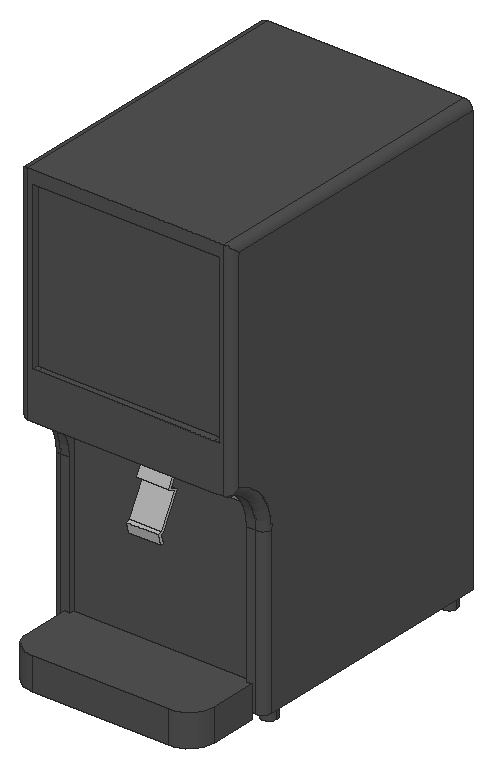
Revit family "Mechanical_COM_Cold-Beverage-Dispenser-Covered", category Mechanical Equipment, Revit 2026
Family settings
  Round Connector Dimension = Use Diameter
  Part Type = Normal
  Classification Number = 23.40.40.14
  Work Plane-Based = Yes
  Always vertical = No
  Cut with Voids When Loaded = No
  Maintain Annotation Orientation = No
  Shared = No
  Room Calculation Point = No
Parameters
  Warranty Duration (Years) = 0
  Unit Width = 1' - 0 1/2"
  Unit Height = 2' - 2 1/2"
  Unit Depth = 1' - 7 1/2"
  Test Data = ""
  Specification = ""
  SpecWizard = ""
  Single Dispenser [instance] = yes
  Send Message = ""
  Sales Information = ""
  Product Properties = ""
  Product Data = ""
  OmniClass Number = ""
  Multi Dispenser [instance] = not(Single Dispenser)  # no
  MasterFormat04 Keynote = ""
  Manufacturer's Notes = ""
  Manufacturer Website = ""
  Manufacturer Phone - Toll Free = ""
  Manufacturer Phone = ""
  Manufacturer Fax = ""
  Manufacturer Email = ""
  Manufacturer Address = ""
  Maintenance Schedule (Months) = 0
  Installation-Fabrication = ""
  Installation Phase = ""
  Hardware Finish [instance] = ARCAT - Metal - Satin Steel
  Green Building-LEED = ""
  Fixture Material [instance] = ARCAT - Plastic - Black
  Feet Material [instance] = ARCAT - Plastic - Black
  Expected Lifespan (Years) = 0
  Drawn By = ""
  Dispenser Count [instance] = 3
  Default Elevation = 4' - 0"
  Copyright = ""
  Construction Details = ""
  Company_ID = 0
  Building Codes = ""
Reference planes (in)
  plane 1 "Center (Front/Back)": y = 0
  plane 2: z = 0
  plane 3 "Center (Left/Right)": x = -4
  plane 4: y = 9.75
  plane 5: y = -9.75
  plane 6: x = -10.25
  plane 7: x = 2.25
  plane 8: z = 26.5
  plane 9: z = 2.25
  plane 10: z = 13.25
  plane 11: y = -5.5
  plane 12: x = -9.1875
  plane 13: x = 1.1875
  plane 14: x = -4.9375
  plane 15: x = -3.0625
  plane 16: x = -7.5
  plane 17: x = -5.625
  plane 18: x = -2.375
  plane 19: x = -0.5
Forms (in)
  Extrusion 1, solid, material "ARCAT - Plastic - Black" <- "Fixture Material"
    sketch origin (0, 0, 0) x (1, 0, 0) y (0, 1, 0)
      loop
        arc (-9.5, -8.25) -> (-9.06066, -9.31066) -> (-8, -9.75) r 1.5
        line (-8, -9.75) -> (0, -9.75)
        arc (0, -9.75) -> (1.06066, -9.31066) -> (1.5, -8.25) r 1.5
        line (1.5, -8.25) -> (1.5, -5.5) -> (-9.5, -5.5) -> (-9.5, -8.25)
    from 0.375 to 2.25
  Extrusion 2, solid, material "ARCAT - Plastic - Black" <- "Fixture Material"
    sketch origin (-4, 0, 0) x (0, 1, 0) y (0, 0, 1)
      loop
        line (-7.875, 26.5) -> (-7.875, 13.25)
        arc (-7.875, 13.25) -> (-6.17241, 12.26701) -> (-5.5, 10.41959) r 2.87408
        line (-5.5, 10.41959) -> (-5.5, 0.75) -> (9.75, 0.75) -> (9.75, 26.5) -> (-7.875, 26.5)
    from -6.25 to 6.25
  Extrusion 3, void
    sketch origin (-4, 0, 0) x (0, 1, 0) y (0, 0, 1)
      loop
        line (-5.5, 2.25) -> (-5.25, 2.25) -> (-5.25, 13.25) -> (-7.875, 13.25) -> (-5.5, 2.25)
    from -5.1875 to 5.1875
  Extrusion 4, solid, material "ARCAT - Metal - Satin Steel" <- "Hardware Finish", visible <- "Single Dispenser"
    sketch origin (-4, 0, 0) x (0, 1, 0) y (0, 0, 1)
      loop
        line (-5.25, 12.25) -> (-5.89117, 11.04414) -> (-5.44969, 10.8094) -> (-6.38864, 9.04351) -> (-6.63012, 8.9788) -> (-6.46946, 8.37921) -> (-6.3789, 8.40347) -> (-6.5153, 8.91251) -> (-6.325, 8.9635) -> (-5.3229, 10.84817) -> (-5.76438, 11.0829) -> (-5.18068, 12.18068) -> (-5.25, 12.25)
    from -0.9375 to 0.9375
  Extrusion 5, void
    sketch origin (0, 0, 0) x (1, 0, 0) y (0, 0, 1)
      loop
        line (-9.5, 25.75) -> (-9.5, 16) -> (-9.1875, 16) -> (1.1875, 16) -> (1.5, 16) -> (1.5, 25.75) -> (-9.5, 25.75)
    from 7.50734 to 9.75
  Extrusion 6, solid, material "ARCAT - Metal - Satin Steel" <- "Hardware Finish"
    sketch origin (-4, 0, 0) x (0, 1, 0) y (0, 0, 1)
      loop
        line (-6.82158, 13.25) -> (-5.25, 11.4421) -> (-5.25, 13.25) -> (-6.82158, 13.25)
    from -5.1875 to 5.1875
  Extrusion 7, solid, material "ARCAT - Metal - Satin Steel" <- "Hardware Finish", visible <- "Multi Dispenser"
    sketch origin (-4, 0, 0) x (0, 1, 0) y (0, 0, 1)
      loop
        line (-5.25, 12.25) -> (-5.89117, 11.04414) -> (-5.44969, 10.8094) -> (-6.38864, 9.04351) -> (-6.63012, 8.9788) -> (-6.46946, 8.37921) -> (-6.3789, 8.40347) -> (-6.5153, 8.91251) -> (-6.325, 8.9635) -> (-5.3229, 10.84817) -> (-5.76438, 11.0829) -> (-5.18068, 12.18068) -> (-5.25, 12.25)
    from -3.5 to -1.625
  Extrusion 8, solid, material "ARCAT - Metal - Satin Steel" <- "Hardware Finish", visible <- "Multi Dispenser"
    sketch origin (1.125, 0, 0) x (0, 1, 0) y (0, 0, 1)
      loop
        line (-5.25, 12.25) -> (-5.89117, 11.04414) -> (-5.44969, 10.8094) -> (-6.38864, 9.04351) -> (-6.63012, 8.9788) -> (-6.46946, 8.37921) -> (-6.3789, 8.40347) -> (-6.5153, 8.91251) -> (-6.325, 8.9635) -> (-5.3229, 10.84817) -> (-5.76438, 11.0829) -> (-5.18068, 12.18068) -> (-5.25, 12.25)
    from -3.5 to -1.625
  Extrusion 9, solid, material "ARCAT - Metal - Satin Steel" <- "Hardware Finish", visible <- "Multi Dispenser"
    sketch origin (-1.4375, 0, 0) x (0, 1, 0) y (0, 0, 1)
      loop
        line (-5.25, 12.25) -> (-5.89117, 11.04414) -> (-5.44969, 10.8094) -> (-6.38864, 9.04351) -> (-6.63012, 8.9788) -> (-6.46946, 8.37921) -> (-6.3789, 8.40347) -> (-6.5153, 8.91251) -> (-6.325, 8.9635) -> (-5.3229, 10.84817) -> (-5.76438, 11.0829) -> (-5.18068, 12.18068) -> (-5.25, 12.25)
    from -3.5 to -1.625
  Sweep 10, void
    path in 3D
      loop
        line (2.25, 9.75, 26.5) -> (2.25, -7.875, 26.5) -> (2.25, -7.875, 13.25)
        arc (2.25, -7.875, 13.25) -> (2.25, -6.17241, 12.26701) -> (2.25, -5.5, 10.41959) r 2.87408
        line (2.25, -5.5, 10.41959) -> (2.25, -5.5, 0.75)
    profile origin (2.25, -5.5, 5.58479) x (1, 0, 0) y (0, 1, 0)
      loop
        line (0, 0) -> (0, 0.5)
        arc (0, 0.5) -> (-0.14645, 0.14645) -> (-0.5, 0) r 0.5
        line (-0.5, 0) -> (0, 0)
  Sweep 11, void
    path in 3D
      loop
        line (-10.25, 9.75, 26.5) -> (-10.25, -7.875, 26.5) -> (-10.25, -7.875, 13.25)
        arc (-10.25, -7.875, 13.25) -> (-10.25, -6.17241, 12.26701) -> (-10.25, -5.5, 10.41959) r 2.87408
        line (-10.25, -5.5, 10.41959) -> (-10.25, -5.5, 0.75)
    profile origin (-10.25, -5.5, 5.58479) x (-1, 0, 0) y (0, -1, 0)
      loop
        line (0, 0) -> (-0.5, 0)
        arc (-0.5, 0) -> (-0.14645, -0.14645) -> (0, -0.5) r 0.5
        line (0, -0.5) -> (0, 0)
  Extrusion 12, solid, material "ARCAT - Plastic - Black" <- "Feet Material"
    sketch origin (0, 0, 0) x (1, 0, 0) y (0, 1, 0)
      loop
        circle (-9.50704, 8.99481) r 0.44454
      loop
        circle (1.50704, 8.99481) r 0.44454
      loop
        circle (-9.50704, -4.25519) r 0.44454
      loop
        circle (1.50704, -4.25519) r 0.44454
    from 0 to 0.75
Cuts and joins
  Extrusion 3, Extrusion 5, Sweep 10, Sweep 11 cuts Extrusion 1
  Extrusion 3, Extrusion 5, Sweep 10, Sweep 11 cuts Extrusion 2
  joined: Extrusion 1, Extrusion 2
Lines and regions (in)
  sketch lines
    curve 1: line (2.25, -5.5, 10.41959) -> (2.25, -5.5, 0.75)
    curve 2: arc (2.25, -5.5, 10.41959) -> (2.25, -6.17241, 12.26701) -> (2.25, -7.875, 13.25) r 2.87408
    curve 3: line (2.25, -7.875, 26.5) -> (2.25, -7.875, 13.25)
    curve 4: line (2.25, 9.75, 26.5) -> (2.25, -7.875, 26.5)
    curve 5: line (-10.25, -5.5, 10.41959) -> (-10.25, -5.5, 0.75)
    curve 6: arc (-10.25, -5.5, 10.41959) -> (-10.25, -6.17241, 12.26701) -> (-10.25, -7.875, 13.25) r 2.87408
    curve 7: line (-10.25, -7.875, 26.5) -> (-10.25, -7.875, 13.25)
    curve 8: line (-10.25, 9.75, 26.5) -> (-10.25, -7.875, 26.5)
Dimensions and locks (in)
  "Unit Depth": plane 4 to plane 5
  equal spacing: plane 6, plane 3 "Center (Left/Right)", plane 7
  "Unit Width": plane 6 to plane 7
  equal spacing: plane 4, plane 1 "Center (Front/Back)", plane 5
  "Unit Height": plane 8 to level
  locked: plane 9 to level at 2.25
  locked: plane 10 to plane 9 at 11
  locked: plane 5 to plane 11 at 4.25
  locked: plane 5 to Extrusion 2 sketch curve at 1.875
  locked: Extrusion 2 sketch curve to level at 0.75
  locked: plane 6 to Extrusion 1 sketch curve at 0.75
  locked: Extrusion 1 sketch curve to plane 7 at 0.75
  locked: plane 6 to plane 12 at 1.0625
  locked: plane 7 to plane 13 at 1.0625
  plane 14 to plane 3 "Center (Left/Right)" to plane 15 = 0' - 0 15/16" locked, 0' - 0 15/16" locked
  locked: plane 17 to plane 16 at 1.875
  locked: plane 19 to plane 18 at 1.875
  locked: plane 16 to plane 6 at 2.75
  equal spacing: group 1, group 3, group 2  (x3)
  locked: plane 7 to plane 19 at 2.75
  aligned and locked: Extrusion 1 to plane 5
  aligned and locked: plane 11 to Extrusion 1
  aligned and locked: plane 4 to Extrusion 2 sketch curve
  aligned and locked: plane 8 to Extrusion 2 sketch curve
  aligned and locked: plane 11 to Extrusion 2 sketch curve
  aligned and locked: Extrusion 2 to plane 6
  aligned and locked: plane 7 to Extrusion 2
  aligned and locked: plane 12 to Extrusion 3
  aligned and locked: Extrusion 3 to plane 13
  aligned and locked: Extrusion 5 to plane 5
  aligned and locked: plane 12 to Extrusion 6
  aligned and locked: Extrusion 6 to plane 13
  aligned and locked: Extrusion 7 to plane 16
  aligned and locked: plane 17 to Extrusion 7
  aligned and locked: plane 19 to Extrusion 8
  aligned and locked: Extrusion 8 to plane 18
  aligned: Extrusion 12 to cut or joined group of Extrusion 1, Extrusion 2, Extrusion 3, Extrusion 5, Sweep 10, Sweep 11
Automatic sketch dimensions
  Extrusion 7 sketch curve to Extrusion 7 sketch curve = 0' - 0.11482"
  Extrusion 7 sketch curve to Extrusion 7 sketch curve = 0' - 0.04584"
  Extrusion 7 sketch curve to Extrusion 7 sketch curve = 0' - 0.12666"
  Extrusion 7 sketch curve to Extrusion 7 sketch curve = 0' - 0.09056"
  Extrusion 7 sketch curve to Extrusion 7 sketch curve = 0' - 0.06364"
  Extrusion 7 sketch curve to Extrusion 7 sketch curve = 0' - 0.12679"  (x2)
  Extrusion 7 sketch curve to Extrusion 7 sketch curve = 0' - 0.06932"
  Extrusion 7 sketch curve to Extrusion 7 sketch curve = 0' - 0.02426"
  Extrusion 7 sketch curve to Extrusion 7 sketch curve = 0' - 1.7659"
  Extrusion 7 sketch curve to Extrusion 7 sketch curve = 0' - 0.03876"
  Extrusion 7 sketch curve to Extrusion 7 sketch curve = 0' - 0.49747"
  Extrusion 7 sketch curve to Extrusion 7 sketch curve = 0' - 0.31468"
  Extrusion 7 sketch curve to Extrusion 7 sketch curve = 0' - 0.51438"
  Extrusion 8 sketch curve to Extrusion 8 sketch curve = 0' - 0.11482"
  Extrusion 8 sketch curve to Extrusion 8 sketch curve = 0' - 0.04584"
  Extrusion 8 sketch curve to Extrusion 8 sketch curve = 0' - 0.12666"
  Extrusion 8 sketch curve to Extrusion 8 sketch curve = 0' - 0.09056"
  Extrusion 8 sketch curve to Extrusion 8 sketch curve = 0' - 0.06364"
  Extrusion 8 sketch curve to Extrusion 8 sketch curve = 0' - 0.12679"  (x2)
  Extrusion 8 sketch curve to Extrusion 8 sketch curve = 0' - 0.06932"
  Extrusion 8 sketch curve to Extrusion 8 sketch curve = 0' - 0.02426"
  Extrusion 8 sketch curve to Extrusion 8 sketch curve = 0' - 1.7659"
  Extrusion 8 sketch curve to Extrusion 8 sketch curve = 0' - 0.03876"
  Extrusion 8 sketch curve to Extrusion 8 sketch curve = 0' - 0.49747"
  Extrusion 8 sketch curve to Extrusion 8 sketch curve = 0' - 0.31468"
  Extrusion 8 sketch curve to Extrusion 8 sketch curve = 0' - 0.51438"
  Extrusion 9 sketch curve to Extrusion 9 sketch curve = 0' - 0.11482"
  Extrusion 9 sketch curve to Extrusion 9 sketch curve = 0' - 0.04584"
  Extrusion 9 sketch curve to Extrusion 9 sketch curve = 0' - 0.12666"
  Extrusion 9 sketch curve to Extrusion 9 sketch curve = 0' - 0.09056"
  Extrusion 9 sketch curve to Extrusion 9 sketch curve = 0' - 0.06364"
  Extrusion 9 sketch curve to Extrusion 9 sketch curve = 0' - 0.12679"  (x2)
  Extrusion 9 sketch curve to Extrusion 9 sketch curve = 0' - 0.06932"
  Extrusion 9 sketch curve to Extrusion 9 sketch curve = 0' - 0.02426"
  Extrusion 9 sketch curve to Extrusion 9 sketch curve = 0' - 1.7659"
  Extrusion 9 sketch curve to Extrusion 9 sketch curve = 0' - 0.03876"
  Extrusion 9 sketch curve to Extrusion 9 sketch curve = 0' - 0.49747"
  Extrusion 9 sketch curve to Extrusion 9 sketch curve = 0' - 0.31468"
  Extrusion 9 sketch curve to Extrusion 9 sketch curve = 0' - 0.51438"
  Extrusion 2 sketch curve to plane 10 = 0' - 0"
  plane 5 to Extrusion 2 sketch curve = 0' - 1.37592"
  Extrusion 3 sketch curve to plane 10 = 0' - 0"
  Extrusion 3 sketch curve to plane 9 = 0' - 0"
  Extrusion 3 sketch curve to plane 11 = 0' - 0"
  plane 5 to Extrusion 3 sketch curve = 0' - 1 7/8"
  Extrusion 3 sketch curve to plane 11 = 0' - 0 1/4"
  plane 11 to Extrusion 4 sketch curve = 0' - 1.13012"
  Extrusion 4 sketch curve to Extrusion 4 sketch curve = 0' - 0.11482"
  Extrusion 4 sketch curve to Extrusion 4 sketch curve = 0' - 0.04584"
  Extrusion 4 sketch curve to Extrusion 4 sketch curve = 0' - 0.12666"
  Extrusion 4 sketch curve to Extrusion 4 sketch curve = 0' - 0.09056"
  Extrusion 4 sketch curve to Extrusion 4 sketch curve = 0' - 0.06364"
  plane 11 to Extrusion 4 sketch curve = 0' - 0.39117"
  Extrusion 4 sketch curve to Extrusion 4 sketch curve = 0' - 0.12679"  (x2)
  Extrusion 4 sketch curve to plane 11 = 0' - 0.05031"
  Extrusion 4 sketch curve to plane 11 = 0' - 0 1/4"
  Extrusion 4 sketch curve to Extrusion 4 sketch curve = 0' - 0.06932"
  Extrusion 4 sketch curve to plane 10 = 0' - 4.87079"
  Extrusion 4 sketch curve to Extrusion 4 sketch curve = 0' - 0.02426"
  Extrusion 4 sketch curve to Extrusion 4 sketch curve = 0' - 1.7659"
  Extrusion 4 sketch curve to Extrusion 4 sketch curve = 0' - 0.03876"
  Extrusion 5 sketch curve to plane 12 = 0' - 0"
  Extrusion 5 sketch curve to plane 13 = 0' - 0"
  plane 12 to Extrusion 5 sketch curve = 0' - 0 5/16"
  Extrusion 5 sketch curve to plane 13 = 0' - 0 5/16"
  plane 10 to Extrusion 5 sketch curve = 0' - 2 3/4"
  Extrusion 5 sketch curve to plane 8 = 0' - 0 3/4"
  Extrusion 6 sketch curve to plane 10 = 0' - 0"
  plane 11 to Extrusion 6 sketch curve = 0' - 1.32158"
  Extrusion 6 sketch curve to plane 11 = 0' - 0 1/4"
  Extrusion 6 sketch curve to plane 10 = 0' - 1.8079"
  Sweep 10 sketch curve to profile plane = 0' - 0"  (x2)
  Sweep 10 sketch curve to Sweep 10 sketch curve = 0' - 0 1/2"
  Sweep 11 sketch curve to profile plane = 0' - 0"  (x2)
  Sweep 11 sketch curve to profile plane = 0' - 0 1/2"
  Extrusion 1 sketch curve to plane 5 = 0' - 0"
  Extrusion 1 sketch curve to plane 11 = 0' - 0"
  Extrusion 1 sketch curve to plane 16 = 0' - 0 1/2"
  plane 19 to Extrusion 1 sketch curve = 0' - 0 1/2"
  plane 12 to Extrusion 12 sketch curve = 0' - 0.31954"  (x2)
  Extrusion 12 sketch curve to plane 13 = 0' - 0.31954"  (x2)
  Extrusion 12 sketch curve to plane 11 = 0' - 1.24481"  (x2)
  Extrusion 12 sketch curve to plane 4 = 0' - 0.75519"  (x2)
  radius of Extrusion 12 sketch curve = 0' - 0.44454"  (x4)
Connectors (in)
  electrical at (-4, 9.75, 17.75)
    settings: on cut or joined group of Extrusion 1, Extrusion 2, Extrusion 3, Extrusion 5, Sweep 10, Sweep 11, index 1, voltage 0 V, apparent load 0 VA, apparent load phase1 0 VA, apparent load phase2 0 VA, apparent load phase3 0 VA, power factor 1, load classification "Power", number of poles 1, system type 31, power factor state 1, is connector primary yes, connector utility no, sub classification motor no, connector description ""
